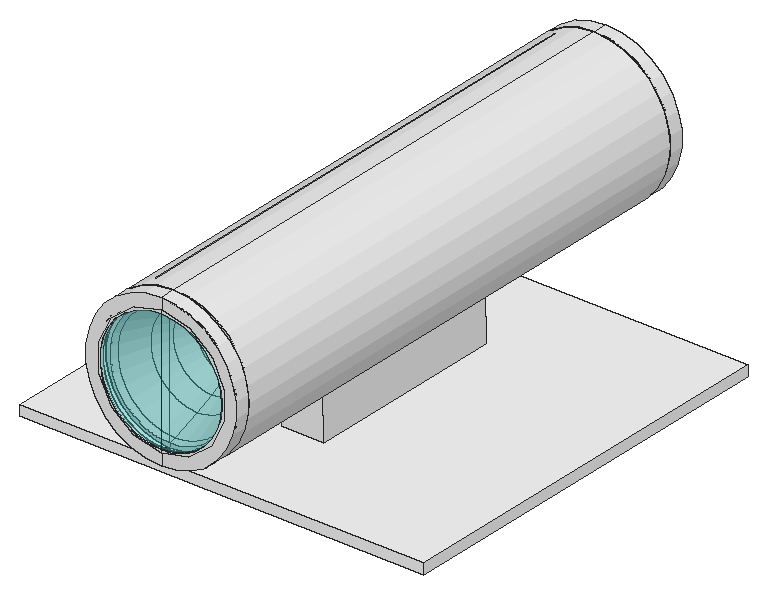
Revit family "BE_66519_de_DE", category Leuchten, Revit 2020
Family settings
  Basisbauteil = Fläche
  Bemaßung runder Anschluss = Durchmesser verwenden
  Teiletyp = Normal
  Beim Laden mit Abzugskörper schneiden = Ja
  Lichtquelle = Ja
  Gemeinsam genutzt = Nein
  Raumberechnungspunkt = Ja
Parameters (values of type "BEGA_66519_Weiß_K4")
  built-in parameter 1150104 = 8.155 (stored number, unit not read)
  Wattage = 36 W
  Default Elevation = 0 mm
  built-in parameter 1150113 = 1 (stored number, unit not read)
  built-in parameter 1114218 = 1 (stored number, unit not read)
  Umgebungstemperatur = "25 °C"
  URL = "https://www.bega.com/de/produkt/66519"
  Typenkommentare = "© 2022 BEGA. Wir behalten uns das Recht vor, technische Änderungen ohne vorherige Ankündigung vorzunehmen."  # constant formula
  Type Image = 66519.png
  built-in parameter 1150134 = 12
  built-in parameter 1150109 = 1 (stored number, unit not read)
  Strom = ""
  built-in parameter 1150110 = 1 (stored number, unit not read)
  Spannung = 239.996 V
  Sonderanfertigung = no
  Seriennummer [instance] = "Hier können Sie die eindeutige Seriennummer für das Facility Management eintragen."
  Schutzklasse = "I"
  Schutzart = "IP 65"
  Scheinlast = 0 VA
  Produktdatenblatt = "https://cdn.bega.com/bega/products/66519K3/current/documents/data-sheets/de"
  Oberflächentemperatur = ""
  Neigungswinkel = 0.00°
  Modell = "66519WK4"
  Material_17 = BEGA_Reflektor
  Material_15 = BEGA_Leuchtmedium_matt
  Material_09 = BEGA_Glas_klar
  Material_06 = BEGA_Oberfläche_Edelstahl_gebürstet
  Material_03 = BEGA_Oberfläche_Weiss_matt
  Material_02 = BEGA_Oberfläche_Silber_matt
  Material_01 [instance] = BEGA_Oberfläche_Grafit_matt
  M_W = yes
  M_G = no
  M_A = no
  Logo = 0
  built-in parameter 1114217 = 1 (stored number, unit not read)
  built-in parameter 1150139 = (empty or 0)
  built-in parameter 1150105 = 251.47 (stored number, unit not read)
  built-in parameter 1150114 = 1 (stored number, unit not read)
  Lumens = 3160.08 lm
  built-in parameter 1150115 = 1 (stored number, unit not read)
  Leuchtenlichtstrom = "2523 lm"
  Leuchtenanzahl = ""
  Lebensdauerkriterien = "L70B50 @ 25 °C = 170000 h"
  Lastklassifizierung = Beleuchtung
  built-in parameter 1150112 = 1 (stored number, unit not read)
  Lampenlichtstrom = "3930 lm"
  Lampe = "LED 24.6 W"
  LED_Modulbezeichnung = "2x LED-0724/840"
  built-in parameter 1150142 = (empty or 0)
  Hersteller = "BEGA"  # constant formula
  Halbstreuwinkel = ""
  Gewicht = "5.15 kg"
  Gebrauchslageneinschränkung [instance] = ""
  Frequenz = "0/50-60 Hz"
  Farbwiedergabeindex = "CRI > 80"
  Farbtemperaturverschiebung bei Dämpfen der Lampe = <Keine Auswahl>
  Farbtemperatur = "4000 K"
  Color Filter = 16777215
  built-in parameter 1150133 = 10 (stored number, unit not read)
  Energieeffizienzklasse = "LED A++ - A"
  built-in parameter 1150137 = (empty or 0)
  built-in parameter 1150132 = (empty or 0)
  ENEC = "ja"
  Datei für fotometrisches Netz = "BE_66519K4.IES"
  CE_Konformität = "ja"
  Bestellnummer = "66519WK4"
  Beschreibung_Sonderanfertigung = "Hier können Sie Informationen zur Sonderanfertigung eintragen."
  Beschreibung = "Wandleuchte"
  built-in parameter 1150106 = 2.5147 (stored number, unit not read)
  Befestigungsbohrung = "Ø 4,3 mm"
  Befestigungsabstand = "160 x 14 mm"
  Ballwurfsicher = ""
  BEGA_Intern_aus = yes
  BEGA_Intern_an = yes
  BEGA_Intern_Konstruktion = yes
  BEGA_Intern = yes
  BEGA_IES = yes
  BEGA_Dummy = no
  Anschlussleitung = ""
  Anschlussleistung [instance] = "26.6 W"
  built-in parameter 1150107 = 4000 (stored number, unit not read)
  built-in parameter 1150102 = (empty or 0)
  built-in parameter 1150138 = (empty or 0)
  Aktualisierung = "2022-05-19T04:00:07"
  Abstand_zur_angestrahlten_Fläche [instance] = ""
  AC/DC = "AC/DC"
Types (6, lengths in mm): name | built-in parameter 1150104 | built-in parameter 1150134 | Modell | M_W | M_G | M_A | built-in parameter 1150105 | Lumens | Leuchtenlichtstrom | Lampenlichtstrom | LED_Modulbezeichnung | Farbtemperatur | Datei für fotometrisches Netz | Bestellnummer | built-in parameter 1150106 | built-in parameter 1150107
  BEGA_66519_Grafit_K4 | 8.155 (stored number, unit not read) | 12 | "66519K4" | no | yes | no | 251.47 (stored number, unit not read) | 3160.08 lm | "2523 lm" | "3930 lm" | "2x LED-0724/840" | "4000 K" | "BE_66519K4.IES" | "66519K4" | 2.5147 (stored number, unit not read) | 4000 (stored number, unit not read)
  BEGA_66519_Silber_K4 | 8.155 (stored number, unit not read) | 12 | "66519AK4" | no | no | yes | 251.47 (stored number, unit not read) | 3160.08 lm | "2523 lm" | "3930 lm" | "2x LED-0724/840" | "4000 K" | "BE_66519K4.IES" | "66519AK4" | 2.5147 (stored number, unit not read) | 4000 (stored number, unit not read)
  BEGA_66519_Silber_K3 | 7.5874 (stored number, unit not read) | (empty or 0) | "66519AK3" | no | no | yes | 233.97 (stored number, unit not read) | 2940.12 lm | "2446 lm" | "3830 lm" | "2x LED-0724/830" | "3000 K" | "BE_66519K3.IES" | "66519AK3" | 2.3397 (stored number, unit not read) | 3000 (stored number, unit not read)
  BEGA_66519_Weiß_K3 | 7.5874 (stored number, unit not read) | (empty or 0) | "66519WK3" | yes | no | no | 233.97 (stored number, unit not read) | 2940.12 lm | "2446 lm" | "3830 lm" | "2x LED-0724/830" | "3000 K" | "BE_66519K3.IES" | "66519WK3" | 2.3397 (stored number, unit not read) | 3000 (stored number, unit not read)
  BEGA_66519_Weiß_K4 | 8.155 (stored number, unit not read) | 12 | "66519WK4" | yes | no | no | 251.47 (stored number, unit not read) | 3160.08 lm | "2523 lm" | "3930 lm" | "2x LED-0724/840" | "4000 K" | "BE_66519K4.IES" | "66519WK4" | 2.5147 (stored number, unit not read) | 4000 (stored number, unit not read)
  BEGA_66519_Grafit_K3 | 7.5874 (stored number, unit not read) | (empty or 0) | "66519K3" | no | yes | no | 233.97 (stored number, unit not read) | 2940.12 lm | "2446 lm" | "3830 lm" | "2x LED-0724/830" | "3000 K" | "BE_66519K3.IES" | "66519K3" | 2.3397 (stored number, unit not read) | 3000 (stored number, unit not read)
Reference planes
  plane 1 "Mitte (Vorne/Hinten)": y = 0
  plane 2: z = 0
  plane 3 "Mitte (Links/Rechts)": x = 0
  plane 4 "Links": x = -75
  plane 5 "Rechts": x = 75
  plane 6 "Unten": y = -275
  plane 7 "Oben": y = 275
  plane 8 "Vorne": z = 198.501
Forms (mm)
  Extrusion 1, solid, material "BEGA_Platte_Weiss"
    sketch origin (0, -1119.2, 0) x (1, 0, 0) y (0, 1, 0)
      loop
        line (-200, 1319.2) -> (-200, 919.2) -> (200, 919.2) -> (200, 1319.2) -> (-200, 1319.2)
    from 0 to -10
  Extrusion 2, solid, material "BEGA_Dummy_matt", visible <- "BEGA_Dummy"
    sketch origin (80.095, -76.023, 0) x (1, 0, 0) y (0, 1, 0)
      loop
        line (-155.095, 351.023) -> (-155.095, -198.977) -> (-5.095, -198.977) -> (-5.095, 351.023) -> (-155.095, 351.023)
    from 0 to 198.501
Dimensions and locks
  plane 1 "Mitte (Vorne/Hinten)" to Extrusion 1 = 200 mm
  aligned and locked: plane 2 to Extrusion 1
  aligned and locked: level to Extrusion 1
Nested families
  nested 1: "BE_66519_Wandleuchte" at (0, 0, 0), type "BE_66519_Wandleuchte"
    with Neigungswinkel_um_Y2 0.00°, Neigungswinkel_um_Y1 0.00°, Neigungswinkel_um_X2 0.00°, Neigungswinkel_um_X1 0.00°, Drehwinkel_um_Z2 0.00°, Drehwinkel_um_Z1 0.00°, BEGA_Neigng_Y2 0.00°, BEGA_Neigng_Y1 0.00°, BEGA_Neigng_X2 0.00°, BEGA_Neigng_X1 0.00°, BEGA_Infotext_Winkel no
Connectors
  electrical at (0, 0, 0), driven by "Lastklassifizierung", driven by "Spannung", driven by "Scheinlast"
    settings: index 1, voltage 239.996 V, apparent load 0 VA, apparent load phase1 0 VA, apparent load phase2 0 VA, apparent load phase3 0 VA, power factor 1, load classification "Beleuchtung", number of poles 1, system type 31, power factor state 1, is connector primary yes, connector utility no, sub classification motor no, connector description ""
Definition of nested family "BE_66519_Wandleuchte"
  Parameters (values of type "BE_66519_Wandleuchte")
    Material_03 = none
    Material_02 = none
    M_W = yes
    M_G = yes
    M_A = yes
    Default Elevation = 1 mm
    URL = "http://www.bega.de/de/produkt"
    Type Comments = "© 2015 BEGA. Wir behalten uns das Recht vor, technische Änderungen ohne vorherige Ankündigung vorzunehmen. "  # constant formula
    Type Image = element 69302
    Neigungswinkel_um_Y2 [instance] = 0.00°
    Neigungswinkel_um_Y1 [instance] = 0.00°
    Neigungswinkel_um_X2 [instance] = 0.00°
    Neigungswinkel_um_X1 [instance] = 0.00°
    Material_17 = none
    Material_15 = none
    Material_09 = none
    Material_01 = none
    Länge_Platte = 200 mm  # constant formula
    Höhe_Platte = -10 mm  # constant formula
    Manufacturer = "BEGA"  # constant formula
    Drehwinkel_um_Z2 [instance] = 0.00°
    Drehwinkel_um_Z1 [instance] = 0.00°
    Breite_Platte = 200 mm  # constant formula
    BEGA_Neigng_Y2 [instance] = if(Neigungswinkel_um_Y2 < -30.00°, -30.00°, if(Neigungswinkel_um_Y2 > 30.00°, 30.00°, Neigungswinkel_um_Y2))  # 0.00°
    BEGA_Neigng_Y1 [instance] = if(Neigungswinkel_um_X2 < -30.00°, -30.00°, if(Neigungswinkel_um_X2 > 30.00°, 30.00°, Neigungswinkel_um_X2))  # 0.00°
    BEGA_Neigng_X2 [instance] = if(Neigungswinkel_um_Y1 < -30.00°, -30.00°, if(Neigungswinkel_um_Y1 > 30.00°, 30.00°, Neigungswinkel_um_Y1))  # 0.00°
    BEGA_Neigng_X1 [instance] = if(Neigungswinkel_um_X1 < -30.00°, -30.00°, if(Neigungswinkel_um_X1 > 30.00°, 30.00°, Neigungswinkel_um_X1))  # 0.00°
    BEGA_Infotext_Winkel [instance] = if(or(Neigungswinkel_um_X1 < -30.00°, Neigungswinkel_um_X1 > 30.00°, Neigungswinkel_um_X2 < -30.00°, Neigungswinkel_um_X2 > 30.00°, Neigungswinkel_um_Y1 < -30.00°, Neigungswinkel_um_Y1 > 30.00°, Neigungswinkel_um_Y2 < -30.00°, Neigungswinkel_um_Y2 > 30.00°), 1 < 2, 1 > 2)  # no
    Aktualisierung = "Stand: 25.03.2015"  # constant formula
  Reference planes
    plane 1 "Mitte (Vorne/Hinten)": y = 0
    plane 2: z = 0
    plane 3 "Mitte (Links/Rechts)": x = 0
    plane 4 "Befestigung Links": x = -75
    plane 5 "Befestigung Rechts": x = 75
    plane 6: z = 198.501
    plane 7: y = 275
    plane 8: y = -275
  Forms (mm)
    Extrusion 1, solid, detail levels medium
      sketch origin (0, 0, 0) x (1, 0, 0) y (0, 1, 0)
        loop
          line (-100, 100) -> (-100, -100) -> (100, -100) -> (100, 100) -> (-100, 100)
      from 0 to -10 <- "Höhe_Platte"
    Extrusion 2, solid, material <- "Material_01", visible <- "M_G", detail levels medium+fine
      sketch origin (0, 0, 0) x (1, 0, 0) y (0, 0, 1)
        loop
          line (20.847, 0) -> (20, 48.5) -> (17.678, 50.822)
          arc (17.678, 50.822) -> (16.556, 49.768) -> (15.372, 48.785) r 25
          arc (15.372, 48.785) -> (0.121, 43.5) -> (-15.18, 48.636) r 25
          arc (-15.18, 48.636) -> (-16.465, 49.688) -> (-17.678, 50.822) r 25
          line (-17.678, 50.822) -> (-20, 48.5) -> (-20.847, 0) -> (20.847, 0)
      from -100 to 100
    Extrusion 3, void
      sketch origin (0, 0, 0) x (1, 0, 0) y (0, 1, 0)
        loop
          line (-15.384, 71.433) -> (-15.384, -71.433) -> (15.384, -71.433) -> (15.384, 71.433) -> (-15.384, 71.433)
      from 0 to 11.465
    Extrusion 4, void
      sketch origin (0, 0, 0) x (0, 1, 0) y (0, 0, 1)
        loop
          line (87.516, 43) -> (-87.53, 43) -> (-86.5, 13.501) -> (86.501, 13.501) -> (87.516, 43)
      from -13.32 to 13.455
    Extrusion 5, void
      sketch origin (0, 0, 0) x (1, 0, 0) y (0, 1, 0)
        loop
          circle (7, -80) r 2.65
        loop
          circle (-7, 80) r 2.65
      from 0 to 13.5
    Extrusion 6, void
      sketch origin (0, 0, 0) x (1, 0, 0) y (0, 1, 0)
        loop
          circle (-7, 80) r 5.5
        loop
          circle (7, -80) r 5.5
      from 3.965 to 13.5
    Extrusion 7, void
      sketch origin (0, 0, 0) x (1, 0, 0) y (0, 1, 0)
        loop
          circle (0, 57.191) r 8.5
        loop
          circle (0, 24) r 8.5
      from 11.465 to 13.5
    Revolve 8, solid, material <- "Material_09", detail levels medium+fine
      sketch origin (0, 0, 0) x (0, 1, 0) y (0, 0, 1)
        loop
          line (275, 183.75) -> (271.6, 183.75)
          arc (271.6, 183.75) -> (270.893, 184.043) -> (270.6, 184.75) r 1
          line (270.6, 184.75) -> (270.6, 186.5) -> (265, 186.5) -> (265, 123.5) -> (275, 123.5) -> (275, 183.75)
        axis (265, 123.5) -> (275, 123.5)
      angle from 0 to 360
    Revolve 9, solid, material <- "Material_09", detail levels medium+fine
      sketch origin (0, 0, 0) x (0, -1, 0) y (0, 0, 1)
        loop
          line (275, 183.75) -> (271.6, 183.75)
          arc (271.6, 183.75) -> (270.893, 184.043) -> (270.6, 184.75) r 1
          line (270.6, 184.75) -> (270.6, 186.5) -> (265, 186.5) -> (265, 123.5) -> (275, 123.5) -> (275, 183.75)
        axis (265, 123.5) -> (275, 123.5)
      angle from 0 to 360
    Revolve 10, solid, material <- "Material_17", detail levels medium+fine
      sketch origin (0, 0, 0) x (0, 1, 0) y (0, 0, 1)
        loop
          line (265, 186) -> (264.049, 186) -> (264.049, 182.473) -> (260.255, 181.254) -> (256.361, 179.975) -> (252.273, 178.601)
          arc (252.273, 178.601) -> (242.585, 175.21) -> (232.984, 171.58) r 415.451
          arc (232.984, 171.58) -> (223.952, 167.893) -> (215.025, 163.957) r 352.808
          arc (215.025, 163.957) -> (207.113, 160.105) -> (199.394, 155.877) r 183.326
          arc (199.394, 155.877) -> (192.689, 151.678) -> (186.287, 147.03) r 115.244
          line (186.287, 147.03) -> (184.433, 145.509) -> (183.295, 132.5) -> (184.287, 132.5) -> (185.441, 145.689) -> (186.279, 146.38)
          arc (186.279, 146.38) -> (190.512, 149.635) -> (194.96, 152.59) r 77.455
          arc (194.96, 152.59) -> (203.676, 157.658) -> (212.638, 162.279) r 199.056
          arc (212.638, 162.279) -> (221.523, 166.362) -> (230.564, 170.089) r 245.73
          arc (230.564, 170.089) -> (244.47, 175.299) -> (258.504, 180.156) r 587.618
          arc (258.504, 180.156) -> (261.749, 181.212) -> (265, 182.25) r 642.587
          line (265, 182.25) -> (265, 186)
        axis (183.295, 123.5) -> (265, 123.5)
      angle from 0 to 360
    Revolve 11, solid, material <- "Material_17", detail levels medium+fine
      sketch origin (0, 0, 0) x (0, -1, 0) y (0, 0, 1)
        loop
          line (265, 186) -> (264.049, 186) -> (264.049, 182.473) -> (260.255, 181.254) -> (256.361, 179.975) -> (252.273, 178.601)
          arc (252.273, 178.601) -> (242.585, 175.21) -> (232.984, 171.58) r 415.451
          arc (232.984, 171.58) -> (223.952, 167.893) -> (215.025, 163.957) r 352.808
          arc (215.025, 163.957) -> (207.113, 160.105) -> (199.394, 155.877) r 183.326
          arc (199.394, 155.877) -> (192.689, 151.678) -> (186.287, 147.03) r 115.244
          line (186.287, 147.03) -> (184.433, 145.509) -> (183.295, 132.5) -> (184.287, 132.5) -> (185.441, 145.689) -> (186.279, 146.38)
          arc (186.279, 146.38) -> (190.512, 149.635) -> (194.96, 152.59) r 77.455
          arc (194.96, 152.59) -> (203.676, 157.658) -> (212.638, 162.279) r 199.056
          arc (212.638, 162.279) -> (221.523, 166.362) -> (230.564, 170.089) r 245.73
          arc (230.564, 170.089) -> (244.47, 175.299) -> (258.504, 180.156) r 587.618
          arc (258.504, 180.156) -> (261.749, 181.212) -> (265, 182.25) r 642.587
          line (265, 182.25) -> (265, 186)
        axis (183.295, 123.5) -> (265, 123.5)
      angle from 0 to 360
    Revolve 12, solid, material <- "Material_15", detail levels medium+fine
      sketch origin (0, 0, 0) x (0, 1, 0) y (0, 0, 1)
        loop
          line (184.287, 123.5) -> (184.287, 132.5) -> (183.295, 132.5) -> (183.295, 123.5) -> (184.287, 123.5)
        axis (183.295, 123.5) -> (184.295, 123.5)
      angle from 0 to 360
    Revolve 13, solid, material <- "Material_15", detail levels medium+fine
      sketch origin (0, 0, 0) x (0, -1, 0) y (0, 0, 1)
        loop
          line (184.287, 123.5) -> (184.287, 132.5) -> (183.295, 132.5) -> (183.295, 123.5) -> (184.287, 123.5)
        axis (183.295, 123.5) -> (184.295, 123.5)
      angle from 0 to 360
    Revolve 14, solid, material <- "Material_01", visible <- "M_G", detail levels medium+fine
      sketch origin (0, 0, 0) x (0, 1, 0) y (0, 0, 1)
        loop
          line (275, 198.256) -> (261, 198.5) -> (261, 196.8) -> (263, 196.765) -> (263, 194.922) -> (270, 194.8) -> (270, 188.535) -> (272, 188.5) -> (272, 184.262) -> (275, 184) -> (275, 186.8) -> (275, 198.256)
        axis (261, 123.5) -> (275, 123.5)
      angle from 0 to 360
    Revolve 15, solid, material <- "Material_01", visible <- "M_G", detail levels medium+fine
      sketch origin (0, 0, 0) x (0, -1, 0) y (0, 0, 1)
        loop
          line (275, 198.256) -> (261, 198.5) -> (261, 196.8) -> (263, 196.765) -> (263, 194.922) -> (270, 194.8) -> (270, 188.535) -> (272, 188.5) -> (272, 184.262) -> (275, 184) -> (275, 186.8) -> (275, 198.256)
        axis (261, 123.5) -> (275, 123.5)
      angle from 0 to 360
    Revolve 16, solid, material <- "Material_01", visible <- "M_G", detail levels medium+fine
      sketch origin (0, 0, 0) x (0, 1, 0) y (0, 0, 1)
        loop
          line (-259.5, 198.5) -> (-259.5, 196.25) -> (-263, 196.25) -> (-263, 194.5) -> (263, 194.5) -> (263, 196.25) -> (259.5, 196.25) -> (259.5, 198.5) -> (-259.5, 198.5)
        axis (-263, 123.5) -> (263, 123.5)
      angle from 0 to 360
    Extrusion 17, solid, material <- "Material_02", visible <- "M_A", detail levels medium+fine
      sketch origin (0, 0, 0) x (1, 0, 0) y (0, 0, 1)
        loop
          line (20.847, 0) -> (20, 48.5) -> (17.678, 50.822)
          arc (17.678, 50.822) -> (16.556, 49.768) -> (15.372, 48.785) r 25
          arc (15.372, 48.785) -> (0.121, 43.5) -> (-15.18, 48.636) r 25
          arc (-15.18, 48.636) -> (-16.465, 49.688) -> (-17.678, 50.822) r 25
          line (-17.678, 50.822) -> (-20, 48.5) -> (-20.847, 0) -> (20.847, 0)
      from -100 to 100
    Revolve 18, solid, material <- "Material_02", visible <- "M_A", detail levels medium+fine
      sketch origin (0, 0, 0) x (0, 1, 0) y (0, 0, 1)
        loop
          line (275, 198.256) -> (261, 198.5) -> (261, 196.8) -> (263, 196.765) -> (263, 194.922) -> (270, 194.8) -> (270, 188.535) -> (272, 188.5) -> (272, 184.262) -> (275, 184) -> (275, 186.8) -> (275, 198.256)
        axis (261, 123.5) -> (275, 123.5)
      angle from 0 to 360
    Revolve 19, solid, material <- "Material_02", visible <- "M_A", detail levels medium+fine
      sketch origin (0, 0, 0) x (0, -1, 0) y (0, 0, 1)
        loop
          line (275, 198.256) -> (261, 198.5) -> (261, 196.8) -> (263, 196.765) -> (263, 194.922) -> (270, 194.8) -> (270, 188.535) -> (272, 188.5) -> (272, 184.262) -> (275, 184) -> (275, 186.8) -> (275, 198.256)
        axis (261, 123.5) -> (275, 123.5)
      angle from 0 to 360
    Revolve 20, solid, material <- "Material_02", visible <- "M_A", detail levels medium+fine
      sketch origin (0, 0, 0) x (0, 1, 0) y (0, 0, 1)
        loop
          line (-259.5, 198.5) -> (-259.5, 196.25) -> (-263, 196.25) -> (-263, 194.5) -> (263, 194.5) -> (263, 196.25) -> (259.5, 196.25) -> (259.5, 198.5) -> (-259.5, 198.5)
        axis (-263, 123.5) -> (263, 123.5)
      angle from 0 to 360
    Extrusion 21, solid, material <- "Material_03", visible <- "M_W", detail levels medium+fine
      sketch origin (0, 0, 0) x (1, 0, 0) y (0, 0, 1)
        loop
          line (20.847, 0) -> (20, 48.5) -> (17.678, 50.822)
          arc (17.678, 50.822) -> (16.556, 49.768) -> (15.372, 48.785) r 25
          arc (15.372, 48.785) -> (0.121, 43.5) -> (-15.18, 48.636) r 25
          arc (-15.18, 48.636) -> (-16.465, 49.688) -> (-17.678, 50.822) r 25
          line (-17.678, 50.822) -> (-20, 48.5) -> (-20.847, 0) -> (20.847, 0)
      from -100 to 100
    Revolve 22, solid, material <- "Material_03", visible <- "M_W", detail levels medium+fine
      sketch origin (0, 0, 0) x (0, 1, 0) y (0, 0, 1)
        loop
          line (275, 198.256) -> (261, 198.5) -> (261, 196.8) -> (263, 196.765) -> (263, 194.922) -> (270, 194.8) -> (270, 188.535) -> (272, 188.5) -> (272, 184.262) -> (275, 184) -> (275, 186.8) -> (275, 198.256)
        axis (261, 123.5) -> (275, 123.5)
      angle from 0 to 360
    Revolve 23, solid, material <- "Material_03", visible <- "M_W", detail levels medium+fine
      sketch origin (0, 0, 0) x (0, -1, 0) y (0, 0, 1)
        loop
          line (275, 198.256) -> (261, 198.5) -> (261, 196.8) -> (263, 196.765) -> (263, 194.922) -> (270, 194.8) -> (270, 188.535) -> (272, 188.5) -> (272, 184.262) -> (275, 184) -> (275, 186.8) -> (275, 198.256)
        axis (261, 123.5) -> (275, 123.5)
      angle from 0 to 360
    Revolve 24, solid, material <- "Material_03", visible <- "M_W", detail levels medium+fine
      sketch origin (0, 0, 0) x (0, 1, 0) y (0, 0, 1)
        loop
          line (-259.5, 198.5) -> (-259.5, 196.25) -> (-263, 196.25) -> (-263, 194.5) -> (263, 194.5) -> (263, 196.25) -> (259.5, 196.25) -> (259.5, 198.5) -> (-259.5, 198.5)
        axis (-263, 123.5) -> (263, 123.5)
      angle from 0 to 360
  Cuts and joins
    Extrusion 3, Extrusion 4, Extrusion 5, Extrusion 6, Extrusion 7 cuts Extrusion 2
    joined: Revolve 14, Revolve 15
    joined: Revolve 10, Revolve 11
    joined: Revolve 8, Revolve 9
    joined: Revolve 12, Revolve 13
    Extrusion 3, Extrusion 5 cuts Extrusion 17
    Extrusion 3, Extrusion 5 cuts Extrusion 21
  Dimensions and locks
    equal spacing: Extrusion 1 sketch curve, plane 3 "Mitte (Links/Rechts)", Extrusion 1 sketch curve
    equal spacing: Extrusion 1 sketch curve, plane 1 "Mitte (Vorne/Hinten)", Extrusion 1 sketch curve
    "Länge_Platte": Extrusion 1 sketch curve to Extrusion 1 sketch curve
    "Breite_Platte": Extrusion 1 sketch curve to Extrusion 1 sketch curve
    plane 1 "Mitte (Vorne/Hinten)" to Extrusion 1 = 100 mm  (x3)
    aligned and locked: Extrusion 1 to plane 2
    aligned and locked: Extrusion 1 to level
  Automatic sketch dimensions
    Extrusion 2 sketch curve to Extrusion 2 sketch curve = 0 mm  (x7)
    Extrusion 2 sketch curve to level = 0 mm
    Extrusion 2 sketch curve to plane 3 "Mitte (Links/Rechts)" = 0 mm
    Extrusion 2 sketch curve to plane 3 "Mitte (Links/Rechts)" = 17.678 mm
    Extrusion 2 sketch curve to Extrusion 2 sketch curve = 2.322 mm  (x3)
    Extrusion 2 sketch curve to plane 3 "Mitte (Links/Rechts)" = 20.847 mm
    plane 3 "Mitte (Links/Rechts)" to Extrusion 2 sketch curve = 17.678 mm
    plane 3 "Mitte (Links/Rechts)" to Extrusion 2 sketch curve = 20.847 mm
    level to Extrusion 2 sketch curve = 48.5 mm
    Extrusion 2 sketch curve to Extrusion 2 sketch curve = 17.678 mm
    Extrusion 2 sketch curve to Extrusion 2 sketch curve = 2.498 mm
    Extrusion 2 sketch curve to Extrusion 2 sketch curve = 2.306 mm
    Extrusion 3 sketch curve to plane 3 "Mitte (Links/Rechts)" = 15.384 mm
    plane 3 "Mitte (Links/Rechts)" to Extrusion 3 sketch curve = 15.384 mm
    plane 1 "Mitte (Vorne/Hinten)" to Extrusion 3 sketch curve = 71.433 mm
    Extrusion 3 sketch curve to plane 1 "Mitte (Vorne/Hinten)" = 71.433 mm
    level to Extrusion 4 sketch curve = 13.501 mm
    Extrusion 4 sketch curve to Extrusion 4 sketch curve = 1.03 mm
    Extrusion 4 sketch curve to Extrusion 4 sketch curve = 1.014 mm
    Extrusion 4 sketch curve to Extrusion 4 sketch curve = 29.499 mm
    Extrusion 5 sketch curve to plane 3 "Mitte (Links/Rechts)" = 7 mm
    plane 3 "Mitte (Links/Rechts)" to Extrusion 5 sketch curve = 7 mm
    Extrusion 6 sketch curve to plane 3 "Mitte (Links/Rechts)" = 7 mm
    plane 3 "Mitte (Links/Rechts)" to Extrusion 6 sketch curve = 7 mm
    Extrusion 7 sketch curve to plane 3 "Mitte (Links/Rechts)" = 0 mm  (x2)
    Extrusion 7 sketch curve to plane 1 "Mitte (Vorne/Hinten)" = 24 mm
    Extrusion 7 sketch curve to Extrusion 7 sketch curve = 33.19 mm
    Revolve 8 sketch curve to Revolve 8 sketch curve = 5.6 mm
    Revolve 8 sketch curve to Revolve 8 sketch curve = 1 mm
    Revolve 8 sketch curve to Revolve 8 sketch curve = 10 mm
    Revolve 8 sketch curve to Revolve 8 sketch curve = 1.75 mm
    Revolve 8 sketch curve to Revolve 8 sketch curve = 12.5 mm
    Revolve 8 sketch curve to Revolve 8 sketch curve = 0 mm
    Revolve 9 sketch curve to Revolve 9 sketch curve = 5.6 mm
    Revolve 9 sketch curve to Revolve 9 sketch curve = 1 mm
    Revolve 9 sketch curve to Revolve 9 sketch curve = 10 mm
    Revolve 9 sketch curve to Revolve 9 sketch curve = 1.75 mm
    Revolve 9 sketch curve to Revolve 9 sketch curve = 12.5 mm
    Revolve 9 sketch curve to Revolve 9 sketch curve = 0 mm
    Revolve 10 sketch curve to Revolve 10 sketch curve = 0.992 mm
    Revolve 10 sketch curve to Revolve 10 sketch curve = 0.146 mm
    Revolve 10 sketch curve to Revolve 10 sketch curve = 1.008 mm
    Revolve 10 sketch curve to Revolve 10 sketch curve = 0.838 mm
    Revolve 10 sketch curve to Revolve 10 sketch curve = 0.008 mm
    Revolve 10 sketch curve to Revolve 10 sketch curve = 4.089 mm
    Revolve 10 sketch curve to Revolve 10 sketch curve = 21.588 mm
    Revolve 10 sketch curve to Revolve 10 sketch curve = 3.893 mm
    Revolve 10 sketch curve to Revolve 10 sketch curve = 3.794 mm
    Revolve 10 sketch curve to Revolve 10 sketch curve = 0.951 mm
    Revolve 10 sketch curve to level = 2.75 mm
    Revolve 10 sketch curve to Revolve 10 sketch curve = 34.129 mm
    Revolve 10 sketch curve to Revolve 10 sketch curve = 8.05 mm
    Revolve 10 sketch curve to Revolve 10 sketch curve = 20.331 mm
    Revolve 10 sketch curve to Revolve 10 sketch curve = 42.129 mm
    Revolve 10 sketch curve to Revolve 10 sketch curve = 22.873 mm
    Revolve 10 sketch curve to Revolve 10 sketch curve = 58.981 mm
    Revolve 10 sketch curve to Revolve 10 sketch curve = 15.209 mm
    Revolve 10 sketch curve to Revolve 10 sketch curve = 58.318 mm
    Revolve 10 sketch curve to Revolve 10 sketch curve = 162.342 mm
    Revolve 10 sketch curve to Revolve 10 sketch curve = 52.866 mm
    Revolve 10 sketch curve to Revolve 10 sketch curve = 14.15 mm
    level to Revolve 10 sketch curve = 56.159 mm
    Revolve 10 sketch curve to Revolve 10 sketch curve = 30.48 mm
    Revolve 10 sketch curve to Revolve 10 sketch curve = 39.08 mm
    Revolve 10 sketch curve to Revolve 10 sketch curve = 13.009 mm
    Revolve 10 sketch curve to Revolve 10 sketch curve = 0.18 mm
    Revolve 10 sketch curve to Revolve 10 sketch curve = 0.691 mm
    Revolve 10 sketch curve to Revolve 10 sketch curve = 0.649 mm
    Revolve 10 sketch curve to Revolve 10 sketch curve = 0.996 mm
    Revolve 10 sketch curve to Revolve 10 sketch curve = 0.223 mm
    Revolve 10 sketch curve to Revolve 10 sketch curve = 3.527 mm
    Revolve 10 sketch curve to Revolve 10 sketch curve = 0 mm  (x5)
    Revolve 10 sketch curve to Revolve 10 sketch curve = 16.923 mm
    Revolve 11 sketch curve to Revolve 11 sketch curve = 0.992 mm
    Revolve 11 sketch curve to Revolve 11 sketch curve = 0.146 mm
    Revolve 11 sketch curve to Revolve 11 sketch curve = 1.008 mm
    Revolve 11 sketch curve to Revolve 11 sketch curve = 0.838 mm
    Revolve 11 sketch curve to Revolve 11 sketch curve = 0.008 mm
    Revolve 11 sketch curve to Revolve 11 sketch curve = 4.089 mm
    Revolve 11 sketch curve to Revolve 11 sketch curve = 21.588 mm
    Revolve 11 sketch curve to Revolve 11 sketch curve = 3.893 mm
    Revolve 11 sketch curve to Revolve 11 sketch curve = 3.794 mm
    Revolve 11 sketch curve to Revolve 11 sketch curve = 0.951 mm
    level to Revolve 11 sketch curve = 2.75 mm
    Revolve 11 sketch curve to Revolve 11 sketch curve = 34.129 mm
    Revolve 11 sketch curve to Revolve 11 sketch curve = 8.05 mm
    Revolve 11 sketch curve to Revolve 11 sketch curve = 20.331 mm
    Revolve 11 sketch curve to Revolve 11 sketch curve = 42.129 mm
    Revolve 11 sketch curve to Revolve 11 sketch curve = 22.873 mm
    Revolve 11 sketch curve to Revolve 11 sketch curve = 58.981 mm
    Revolve 11 sketch curve to Revolve 11 sketch curve = 15.209 mm
    Revolve 11 sketch curve to Revolve 11 sketch curve = 58.318 mm
    Revolve 11 sketch curve to Revolve 11 sketch curve = 162.342 mm
    Revolve 11 sketch curve to Revolve 11 sketch curve = 52.866 mm
    Revolve 11 sketch curve to Revolve 11 sketch curve = 14.15 mm
    Revolve 11 sketch curve to level = 56.159 mm
    Revolve 11 sketch curve to Revolve 11 sketch curve = 30.48 mm
    Revolve 11 sketch curve to Revolve 11 sketch curve = 39.08 mm
    Revolve 11 sketch curve to Revolve 11 sketch curve = 13.009 mm
    Revolve 11 sketch curve to Revolve 11 sketch curve = 0.18 mm
    Revolve 11 sketch curve to Revolve 11 sketch curve = 0.691 mm
    Revolve 11 sketch curve to Revolve 11 sketch curve = 0.649 mm
    Revolve 11 sketch curve to Revolve 11 sketch curve = 0.996 mm
    Revolve 11 sketch curve to Revolve 11 sketch curve = 0.223 mm
    Revolve 11 sketch curve to Revolve 11 sketch curve = 3.527 mm
    Revolve 11 sketch curve to Revolve 11 sketch curve = 0 mm  (x5)
    Revolve 11 sketch curve to Revolve 11 sketch curve = 16.923 mm
    Revolve 12 sketch curve to Revolve 12 sketch curve = 0.992 mm
    Revolve 12 sketch curve to Revolve 12 sketch curve = 0 mm
    Revolve 12 sketch curve to Revolve 12 sketch curve = 9 mm
    Revolve 13 sketch curve to Revolve 13 sketch curve = 0.992 mm
    Revolve 13 sketch curve to Revolve 13 sketch curve = 9 mm
    Revolve 14 sketch curve to Revolve 14 sketch curve = 2 mm  (x2)
    Revolve 14 sketch curve to Revolve 14 sketch curve = 7 mm
    Revolve 14 sketch curve to Revolve 14 sketch curve = 3 mm
    Revolve 14 sketch curve to Revolve 14 sketch curve = 0.262 mm
    Revolve 14 sketch curve to Revolve 14 sketch curve = 2.8 mm
    Revolve 14 sketch curve to Revolve 14 sketch curve = 0.035 mm  (x2)
    Revolve 14 sketch curve to Revolve 14 sketch curve = 1.843 mm
    Revolve 15 sketch curve to Revolve 15 sketch curve = 2 mm  (x2)
    Revolve 15 sketch curve to Revolve 15 sketch curve = 7 mm
    Revolve 15 sketch curve to Revolve 15 sketch curve = 3 mm
    Revolve 15 sketch curve to Revolve 15 sketch curve = 0.262 mm
    Revolve 15 sketch curve to Revolve 15 sketch curve = 2.8 mm
    Revolve 15 sketch curve to Revolve 15 sketch curve = 0.035 mm  (x2)
    Revolve 15 sketch curve to Revolve 15 sketch curve = 1.843 mm
    Revolve 15 sketch curve to Revolve 15 sketch curve = 60.762 mm
    Revolve 16 sketch curve to Revolve 16 sketch curve = 519 mm
    Revolve 16 sketch curve to Revolve 16 sketch curve = 2.25 mm
    Revolve 16 sketch curve to Revolve 16 sketch curve = 3.5 mm  (x2)
    level to Revolve 8 sketch curve = 123.5 mm
    Revolve 8 sketch curve to Revolve 8 sketch curve = 60.25 mm
    Revolve 9 sketch curve to level = 123.5 mm
    Revolve 9 sketch curve to Revolve 9 sketch curve = 60.25 mm
    Revolve 10 sketch curve to Revolve 10 sketch curve = 45.86 mm
    Revolve 10 sketch curve to Revolve 10 sketch curve = 1.375 mm
    Revolve 10 sketch curve to Revolve 10 sketch curve = 1.278 mm
    Revolve 11 sketch curve to Revolve 11 sketch curve = 45.86 mm
    Revolve 11 sketch curve to Revolve 11 sketch curve = 1.375 mm
    Revolve 11 sketch curve to Revolve 11 sketch curve = 1.278 mm
    Revolve 11 sketch curve to level = 123.5 mm
    Revolve 13 sketch curve to level = 123.5 mm  (x2)
    Revolve 14 sketch curve to Revolve 14 sketch curve = 60.5 mm
    Revolve 14 sketch curve to Revolve 14 sketch curve = 1.7 mm  (x2)
    Revolve 14 sketch curve to Revolve 14 sketch curve = 6.265 mm
    Revolve 14 sketch curve to Revolve 14 sketch curve = 0.122 mm
    Revolve 14 sketch curve to Revolve 14 sketch curve = 3.456 mm
    Revolve 15 sketch curve to level = 184 mm
    Revolve 15 sketch curve to Revolve 15 sketch curve = 1.7 mm  (x2)
    Revolve 15 sketch curve to Revolve 15 sketch curve = 6.265 mm
    Revolve 15 sketch curve to Revolve 15 sketch curve = 0.122 mm
    Revolve 15 sketch curve to Revolve 15 sketch curve = 3.456 mm
    Revolve 16 sketch curve to Revolve 16 sketch curve = 71 mm
    Revolve 16 sketch curve to Revolve 16 sketch curve = 1.75 mm  (x2)
    Revolve 10 sketch curve to Revolve 10 sketch curve = 42.013 mm
    Revolve 10 sketch curve to Revolve 10 sketch curve = 97.956 mm
    Revolve 11 sketch curve to Revolve 11 sketch curve = 42.013 mm
    Revolve 11 sketch curve to Revolve 11 sketch curve = 97.956 mm
    Revolve 10 sketch curve to Revolve 10 sketch curve = 51.29 mm
    level to Revolve 10 sketch curve = 178.601 mm
    Revolve 12 sketch curve to Revolve 12 sketch curve = 68.213 mm
    Revolve 14 sketch curve to Revolve 14 sketch curve = 19.5 mm
    Revolve 16 sketch curve to Revolve 16 sketch curve = 10.5 mm  (x2)
    Extrusion 4 sketch curve to plane 1 "Mitte (Vorne/Hinten)" = 86.501 mm
    Extrusion 5 sketch curve to plane 1 "Mitte (Vorne/Hinten)" = 80 mm
    Extrusion 6 sketch curve to plane 1 "Mitte (Vorne/Hinten)" = 80 mm
    Revolve 8 sketch curve to plane 1 "Mitte (Vorne/Hinten)" = 265 mm
    plane 1 "Mitte (Vorne/Hinten)" to Revolve 9 sketch curve = 252.5 mm
    Revolve 10 sketch curve to plane 1 "Mitte (Vorne/Hinten)" = 183.295 mm
    plane 1 "Mitte (Vorne/Hinten)" to Revolve 11 sketch curve = 252.5 mm
    Revolve 12 sketch curve to plane 1 "Mitte (Vorne/Hinten)" = 183.295 mm
    plane 1 "Mitte (Vorne/Hinten)" to Revolve 13 sketch curve = 252.5 mm
    Revolve 14 sketch curve to plane 1 "Mitte (Vorne/Hinten)" = 261 mm
    plane 1 "Mitte (Vorne/Hinten)" to Revolve 15 sketch curve = 252.5 mm
    Revolve 11 sketch curve to Revolve 11 sketch curve = 51.29 mm
    Revolve 11 sketch curve to level = 178.601 mm
    Revolve 13 sketch curve to Revolve 13 sketch curve = 68.213 mm
    Revolve 15 sketch curve to Revolve 15 sketch curve = 19.5 mm
    plane 1 "Mitte (Vorne/Hinten)" to Extrusion 4 sketch curve = 86.5 mm
    plane 1 "Mitte (Vorne/Hinten)" to Extrusion 5 sketch curve = 80 mm
    plane 1 "Mitte (Vorne/Hinten)" to Extrusion 6 sketch curve = 80 mm
    plane 1 "Mitte (Vorne/Hinten)" to Revolve 8 sketch curve = 252.5 mm
    Revolve 9 sketch curve to plane 1 "Mitte (Vorne/Hinten)" = 265 mm
    plane 1 "Mitte (Vorne/Hinten)" to Revolve 10 sketch curve = 252.5 mm
    Revolve 11 sketch curve to plane 1 "Mitte (Vorne/Hinten)" = 183.295 mm
    plane 1 "Mitte (Vorne/Hinten)" to Revolve 12 sketch curve = 252.5 mm
    Revolve 13 sketch curve to plane 1 "Mitte (Vorne/Hinten)" = 183.295 mm
    plane 1 "Mitte (Vorne/Hinten)" to Revolve 14 sketch curve = 252.5 mm
    Revolve 15 sketch curve to plane 1 "Mitte (Vorne/Hinten)" = 261 mm
    plane 1 "Mitte (Vorne/Hinten)" to Revolve 16 sketch curve = 263 mm
    Revolve 10 sketch curve to plane 6 = 75.001 mm
    Revolve 12 sketch curve to plane 6 = 75.001 mm
    Revolve 14 sketch curve to plane 6 = 14.501 mm
    Revolve 16 sketch curve to plane 6 = 4.001 mm
    Extrusion 17 sketch curve to Extrusion 17 sketch curve = 0 mm  (x7)
    Extrusion 17 sketch curve to level = 0 mm
    Extrusion 17 sketch curve to plane 3 "Mitte (Links/Rechts)" = 0 mm
    Extrusion 17 sketch curve to plane 3 "Mitte (Links/Rechts)" = 17.678 mm
    Extrusion 17 sketch curve to Extrusion 17 sketch curve = 2.322 mm  (x3)
    Extrusion 17 sketch curve to plane 3 "Mitte (Links/Rechts)" = 20.847 mm
    plane 3 "Mitte (Links/Rechts)" to Extrusion 17 sketch curve = 17.678 mm
    plane 3 "Mitte (Links/Rechts)" to Extrusion 17 sketch curve = 20.847 mm
    level to Extrusion 17 sketch curve = 48.5 mm
    Extrusion 17 sketch curve to Extrusion 17 sketch curve = 17.678 mm
    Extrusion 17 sketch curve to Extrusion 17 sketch curve = 2.498 mm
    Extrusion 17 sketch curve to Extrusion 17 sketch curve = 2.306 mm
    Revolve 18 sketch curve to plane 7 = 0 mm
    Revolve 18 sketch curve to plane 7 = 3 mm
    Revolve 18 sketch curve to Revolve 18 sketch curve = 2 mm  (x2)
    Revolve 18 sketch curve to plane 6 = 3.579 mm
    Revolve 18 sketch curve to Revolve 18 sketch curve = 7 mm
    Revolve 18 sketch curve to plane 6 = 0.001 mm
    Revolve 18 sketch curve to plane 6 = 3.701 mm
    Revolve 18 sketch curve to Revolve 18 sketch curve = 6.265 mm
    Revolve 18 sketch curve to Revolve 18 sketch curve = 0.035 mm
    Revolve 18 sketch curve to Revolve 18 sketch curve = 1.7 mm  (x2)
    Revolve 18 sketch curve to Revolve 18 sketch curve = 2.538 mm
    Revolve 18 sketch curve to Revolve 18 sketch curve = 2.8 mm
    Revolve 18 sketch curve to plane 6 = 1.736 mm
    Revolve 18 sketch curve to plane 6 = 0.246 mm
    Revolve 18 sketch curve to plane 7 = 22.5 mm
    plane 8 to Revolve 18 sketch curve = 22.5 mm
    Revolve 18 sketch curve to Revolve 18 sketch curve = 60.762 mm
    plane 6 to Revolve 19 sketch curve = 1.701 mm
    Revolve 19 sketch curve to plane 8 = 14 mm
    plane 6 to Revolve 19 sketch curve = 1.736 mm
    Revolve 19 sketch curve to Revolve 19 sketch curve = 2 mm  (x2)
    Revolve 19 sketch curve to plane 8 = 5 mm
    plane 8 to Revolve 19 sketch curve = 0 mm
    Revolve 19 sketch curve to Revolve 19 sketch curve = 1.843 mm
    plane 6 to Revolve 19 sketch curve = 3.701 mm
    Revolve 19 sketch curve to Revolve 19 sketch curve = 6.265 mm
    Revolve 19 sketch curve to Revolve 19 sketch curve = 0.035 mm
    Revolve 19 sketch curve to Revolve 19 sketch curve = 1.7 mm
    Revolve 19 sketch curve to Revolve 19 sketch curve = 2.538 mm
    Revolve 19 sketch curve to Revolve 19 sketch curve = 2.8 mm
    plane 6 to Revolve 19 sketch curve = 0.246 mm
    plane 6 to Revolve 19 sketch curve = 0.001 mm
    Revolve 19 sketch curve to plane 8 = 22.5 mm
    plane 7 to Revolve 19 sketch curve = 22.5 mm
    Revolve 19 sketch curve to Revolve 19 sketch curve = 60.762 mm
    Revolve 20 sketch curve to plane 6 = 2.251 mm
    plane 8 to Revolve 20 sketch curve = 12 mm
    Revolve 20 sketch curve to Revolve 20 sketch curve = 3.5 mm  (x2)
    Revolve 20 sketch curve to plane 6 = 0.001 mm
    Revolve 20 sketch curve to plane 7 = 15.5 mm
    Revolve 20 sketch curve to Revolve 20 sketch curve = 2.25 mm
    Revolve 20 sketch curve to Revolve 20 sketch curve = 1.75 mm
    plane 8 to Revolve 20 sketch curve = 22.5 mm
    Revolve 20 sketch curve to plane 7 = 22.5 mm
    Revolve 20 sketch curve to Revolve 20 sketch curve = 71 mm
    Extrusion 21 sketch curve to Extrusion 21 sketch curve = 0 mm  (x7)
    Extrusion 21 sketch curve to level = 0 mm
    Extrusion 21 sketch curve to plane 3 "Mitte (Links/Rechts)" = 0 mm
    Extrusion 21 sketch curve to plane 3 "Mitte (Links/Rechts)" = 17.678 mm
    Extrusion 21 sketch curve to Extrusion 21 sketch curve = 2.322 mm  (x3)
    Extrusion 21 sketch curve to plane 3 "Mitte (Links/Rechts)" = 20.847 mm
    plane 3 "Mitte (Links/Rechts)" to Extrusion 21 sketch curve = 17.678 mm
    plane 3 "Mitte (Links/Rechts)" to Extrusion 21 sketch curve = 20.847 mm
    level to Extrusion 21 sketch curve = 48.5 mm
    Extrusion 21 sketch curve to Extrusion 21 sketch curve = 17.678 mm
    Extrusion 21 sketch curve to Extrusion 21 sketch curve = 2.498 mm
    Extrusion 21 sketch curve to Extrusion 21 sketch curve = 2.306 mm
    Revolve 22 sketch curve to plane 7 = 0 mm
    Revolve 22 sketch curve to plane 7 = 3 mm
    Revolve 22 sketch curve to Revolve 22 sketch curve = 2 mm  (x2)
    Revolve 22 sketch curve to plane 6 = 3.579 mm
    Revolve 22 sketch curve to Revolve 22 sketch curve = 7 mm
    Revolve 22 sketch curve to plane 6 = 0.001 mm
    Revolve 22 sketch curve to plane 6 = 3.701 mm
    Revolve 22 sketch curve to Revolve 22 sketch curve = 6.265 mm
    Revolve 22 sketch curve to Revolve 22 sketch curve = 0.035 mm
    Revolve 22 sketch curve to Revolve 22 sketch curve = 1.7 mm  (x2)
    Revolve 22 sketch curve to Revolve 22 sketch curve = 2.538 mm
    Revolve 22 sketch curve to Revolve 22 sketch curve = 2.8 mm
    Revolve 22 sketch curve to plane 6 = 1.736 mm
    Revolve 22 sketch curve to plane 6 = 0.246 mm
    Revolve 22 sketch curve to plane 7 = 22.5 mm
    plane 8 to Revolve 22 sketch curve = 22.5 mm
    Revolve 22 sketch curve to Revolve 22 sketch curve = 60.762 mm
    plane 6 to Revolve 23 sketch curve = 1.701 mm
    Revolve 23 sketch curve to plane 8 = 14 mm
    plane 6 to Revolve 23 sketch curve = 1.736 mm
    Revolve 23 sketch curve to Revolve 23 sketch curve = 2 mm  (x2)
    Revolve 23 sketch curve to plane 8 = 5 mm
    plane 8 to Revolve 23 sketch curve = 0 mm
    Revolve 23 sketch curve to Revolve 23 sketch curve = 1.843 mm
    plane 6 to Revolve 23 sketch curve = 3.701 mm
    Revolve 23 sketch curve to Revolve 23 sketch curve = 6.265 mm
    Revolve 23 sketch curve to Revolve 23 sketch curve = 0.035 mm
    Revolve 23 sketch curve to Revolve 23 sketch curve = 1.7 mm
    Revolve 23 sketch curve to Revolve 23 sketch curve = 2.538 mm
    Revolve 23 sketch curve to Revolve 23 sketch curve = 2.8 mm
    plane 6 to Revolve 23 sketch curve = 0.246 mm
    plane 6 to Revolve 23 sketch curve = 0.001 mm
    Revolve 23 sketch curve to plane 8 = 22.5 mm
    plane 7 to Revolve 23 sketch curve = 22.5 mm
    Revolve 23 sketch curve to Revolve 23 sketch curve = 60.762 mm
    Revolve 24 sketch curve to plane 6 = 2.251 mm
    plane 8 to Revolve 24 sketch curve = 12 mm
    Revolve 24 sketch curve to Revolve 24 sketch curve = 3.5 mm  (x2)
    Revolve 24 sketch curve to plane 6 = 0.001 mm
    Revolve 24 sketch curve to plane 7 = 15.5 mm
    Revolve 24 sketch curve to Revolve 24 sketch curve = 2.25 mm
    Revolve 24 sketch curve to Revolve 24 sketch curve = 1.75 mm
    plane 8 to Revolve 24 sketch curve = 22.5 mm
    Revolve 24 sketch curve to plane 7 = 22.5 mm
    Revolve 24 sketch curve to Revolve 24 sketch curve = 71 mm
    radius of Extrusion 5 sketch curve = 2.65 mm  (x2)
    radius of Extrusion 6 sketch curve = 5.5 mm  (x2)
    radius of Extrusion 7 sketch curve = 8.5 mm  (x2)
